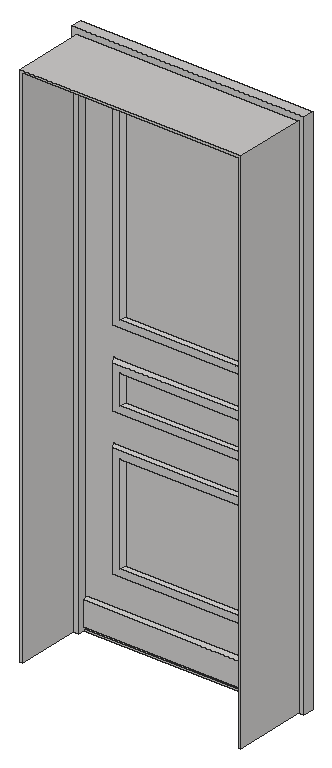
Revit family "Doorset_Porte palière blindée destinée au projet de réhabilitation BELLECOUR_ASSA ABLOY FR_Hardware Light01", category Doors, host Wall, Revit 2015
Parameters (values of type "914x2198 mm (900 x 2200mm)")
  Uniclass 2.0 Description = "Doorsets"
  Uniclass 2.0 Code = "PR-59-23"
  Uniclass 1.4 Description = "Doors"
  Uniclass 1.4 Code = "JL20"
  URL = "https://www.fichet-serrurerie-batiment.fr/fr/porte-bellecour"
  Type Comments = "914x2198 mm (900 x 2200mm)"  # constant formula
  Thickness = 62 mm  # constant formula
  Structural Opening Width = if(Width > Maximum Door Width, Maximum Door Width + 20 mm, if(Width < Minimum Door Width, Minimum Door Width + 20 mm, Width + 20 mm))  # 920 mm
  Structural Opening Height = if(Height > Maximum Door Height, Maximum Door Height + 10 mm, if(Height < Minimum Door Height, Minimum Door Height + 10 mm, Height + 10 mm))  # 2210 mm
  Rough Width = Structural Opening Width  # 920 mm
  Rough Height = Structural Opening Height  # 2210 mm
  Region Europe = "France"
  Provider = "ASSA ABLOY FR"  # constant formula
  Product Guid = "56098edf-7293-468c-9a03-4614a8b7a5ac"
  Panel Width = Structural Opening Width - 6 mm  # 914 mm
  Panel Material = Metal - Assa Abloy - Steel
  Panel Height = Structural Opening Height - 12 mm  # 2198 mm
  OmniClass Title = "Doors"
  OmniClass Number = "23-17 11 00"
  Name = "Porte palière blindée destinée au projet de réhabilitation BELLECOUR\r\n"  # constant formula
  Model = "Doorset_Porte palière blindée destinée au projet de réhabilitation BELLECOUR_ASSA ABLOY FR_Hardware Light"  # constant formula
  Minimum Door Width = 650 mm  # constant formula
  Minimum Door Height = 1952 mm  # constant formula
  Maximum Door Width = 1050 mm  # constant formula
  Maximum Door Height = 2325 mm  # constant formula
  Manufacturer = "ASSA ABLOY"  # constant formula
  Lock Cases = "1x Cylindre GEMMCODE_Mechanical locks_Fichet [AN. 73960050]\r\n"  # constant formula
  Keynote = "08100"
  Identity and Access Solutions = "1x Serrure 5000 SPN1 T204- D_Identity and Access Solutions_Vachette [AN. 841900 4]\r\n"  # constant formula
  IFC classification = "Door"
  Hardware Set = "\tED-ML-MC-FR16"  # constant formula
  Handle Position = 81 mm  # constant formula
  Handle Height = 1100 mm  # constant formula
  Function = Exterior
  Height = 2200 mm
  Wall Closure = By host
  Width = 900 mm
  Frame Width = Structural Opening Width - 20 mm  # 900 mm
  Frame Material = Metal - Assa Abloy - Steel
  Frame Height = Structural Opening Height - 10 mm  # 2200 mm
  Edition number = "1"
  Description = "La porte anti-effraction certifiée  A2P BP1 \n\r\n"  # constant formula
  Date of publishing = ""
  Contact Provider = "http://www.assaabloy.fr/contactez-nous/"
  Clear Width = Structural Opening Width - 48 mm - 20 mm  # 852 mm
  BIMobject Unique ref = "ED-ML-MC-FR16\r\n"  # constant formula
  BIMobject Product Page = "https://www.bimobject.com/en-us/assaabloy-fr/product/ed-ml-mc-fr16"
  BIMobject Product Group = "Security doors and fittings"  # constant formula
  BIMobject Product Family = "Exterior Door Solutions"  # constant formula
  BIMobject Instructions Video = ""
  BIMobject Brand = "ASSA ABLOY FR"  # constant formula
  Assembly Code = "B2030"
  Architectural Hardware = "1x Ensemble béquillage SCULT_Architectural hardware_Vachette [AN. 204367 4]\r\n"  # constant formula
Reference planes
  plane 1: y = 0
  plane 2 "Center (Left/Right)": x = 0
  plane 3 "Exterior": y = 150
  plane 4 "Interior": y = -150
  plane 5: x = 460
  plane 6: x = -460
  plane 7 "Structural": z = 2210
  plane 8: x = 450
  plane 9: x = -450
  plane 10: z = 2200
  plane 11: z = 1984
  plane 12: y = 88
  plane 13: z = 1100
  plane 14 "Panel": y = 1108.7
  plane 15: y = 1070
  plane 16: x = 416
  plane 17: x = -426
  plane 18: x = 426
  plane 19: y = 194.7
  plane 20: y = 208.5
  plane 21: x = -442.131
  plane 22: x = -484
  plane 23: x = 484
  plane 24: x = -306
  plane 25: x = 306
  plane 26: z = 251.279
  plane 27: z = 740.754
  plane 28: z = 860.754
  plane 29: z = 1060.754
  plane 30: z = 1180.754
  plane 31: z = 2056
  plane 32: x = -416
  plane 33: y = 115
  plane 34: y = 141.2
  plane 35: y = 1046.7
  plane 36: x = 364
  plane 37 "Handle ref": x = 457
  plane 38: x = 470.8
  plane 39: z = 2176
  plane 40: z = 2234
  plane 41: x = -376
  plane 42 "Handle Height": z = 1100
  plane 43: z = 24
  plane 44: y = 179.7
  plane 45: z = 2244
  plane 46: y = 1041.5
  plane 47: y = 146.5
Forms (mm)
  Sweep 1, solid, material "Metal - Assa Abloy - Steel" <- "Frame Material"
    path origin (0, 150, 0) x (1, 0, 0) y (0, 0, 1)
      loop
        line (-450, 0) -> (-450, 2200) -> (450, 2200) -> (450, 0)
    profile origin (450, 150, 1100) x (0, -1, 0) y (1, 0, 0)
      loop
        line (35, 0) -> (0, 0) -> (0, 34) -> (-44.7, 34) -> (-44.7, -24) -> (35, -24) -> (35, 0)
  Sweep 2, solid, material "Metal - Assa Abloy - Steel" <- "Panel Material"
    path origin (0, 150, 0) x (1, 0, 0) y (0, 0, 1)
      loop
        line (-426, 0) -> (426, 0)
    profile origin (0, 150, 0) x (0, 0, 1) y (0, -1, 0)
      loop
        line (2207, -44.7) -> (2176, -44.7) -> (2176, 3.5) -> (24, 3.5) -> (24, -29.7) -> (11.808, -29.7) -> (11.808, -44.7) -> (9, -44.7) -> (9, -58.5) -> (2207, -58.5) -> (2207, -44.7)
  Extrusion 3, solid, material "Metal - Assa Abloy - Steel" <- "Panel Material"
    sketch origin (0, 0, 0) x (1, 0, 0) y (0, 1, 0)
      loop
        line (-426, 208.5) -> (-457, 208.5) -> (-457, 194.7) -> (-426, 194.7) -> (-426, 208.5)
      loop
        line (426, 208.5) -> (426, 194.7) -> (457, 194.7) -> (457, 208.5) -> (426, 208.5)
    from 9 to 2207
  Sweep 4, solid, material "Metal - Assa Abloy - Steel" <- "Panel Material"
    path origin (-533.519, 208.5, 1200) x (-1, 0, 0) y (0, 0, 1)
      loop
        line (-227.519, -459.246) -> (-839.519, -459.246) -> (-839.519, -948.721) -> (-227.519, -948.721) -> (-227.519, -459.246)
    profile origin (306, 208.5, 496.017) x (0, 1, 0) y (-1, 0, 0)
      loop
        line (0, 0) -> (16, 9.238) -> (16, 38.762) -> (0, 48) -> (0, 0)
      loop
        line (-62, 0) -> (-62, 48) -> (-78, 38.762) -> (-78, 9.238) -> (-62, 0)
  Sweep 5, solid, material "Metal - Assa Abloy - Steel" <- "Panel Material"
    path origin (-533.519, 208.5, 1200) x (-1, 0, 0) y (0, 0, 1)
      loop
        line (-227.519, -139.246) -> (-839.519, -139.246) -> (-839.519, -339.246) -> (-227.519, -339.246) -> (-227.519, -139.246)
    profile origin (306, 208.5, 960.754) x (0, 1, 0) y (-1, 0, 0)
      loop
        line (0, 0) -> (16, 9.238) -> (16, 38.762) -> (0, 48) -> (0, 0)
      loop
        line (-62, 0) -> (-62, 48) -> (-78, 38.762) -> (-78, 9.238) -> (-62, 0)
  Sweep 6, solid, material "Metal - Assa Abloy - Steel" <- "Panel Material"
    path origin (-533.519, 208.5, 1200) x (-1, 0, 0) y (0, 0, 1)
      loop
        line (-227.519, 856) -> (-839.519, 856) -> (-839.519, -19.246) -> (-227.519, -19.246) -> (-227.519, 856)
    profile origin (306, 208.5, 1618.377) x (0, 1, 0) y (-1, 0, 0)
      loop
        line (16, 9.238) -> (16, 38.762) -> (0, 48) -> (0, 0) -> (16, 9.238)
      loop
        line (-78, 9.238) -> (-62, 0) -> (-62, 48) -> (-78, 38.762) -> (-78, 9.238)
  Sweep 7, solid, material "Metal - Assa Abloy - Steel" <- "Panel Material"
    path origin (-533.519, 208.5, 1200) x (-1, 0, 0) y (0, 0, 1)
      loop
        line (-949.519, -1176) -> (-117.519, -1176)
    profile origin (0, 208.5, 24) x (0, 0, 1) y (0, 1, 0)
      loop
        line (0, -62) -> (0, -82) -> (100, -82) -> (107.279, -62) -> (0, -62)
  Sweep 8, solid, material "Metal - Assa Abloy - Steel" <- "Frame Material"
    path origin (-476, 194.7, 1200) x (1, 0, 0) y (0, 0, 1)
      loop
        line (50, -1200) -> (902, -1200)
    profile origin (0, 194.7, 0) x (0, 0, 1) y (0, -1, 0)
      loop
        line (0, 0) -> (11.808, 0) -> (11.808, 11.3) -> (7, 53.5) -> (0, 53.5) -> (0, 0)
  Extrusion 9, solid, material "Metal - Assa Abloy - Steel" <- "Frame Material"
    sketch origin (-533.519, 208.5, 1200) x (-1, 0, 0) y (0, 0, 1)
      loop
        line (-73.519, 1010) -> (-993.519, 1010) -> (-993.519, -1200) -> (-983.519, -1200) -> (-983.519, 1000) -> (-83.519, 1000) -> (-83.519, -1200) -> (-73.519, -1200) -> (-73.519, 1010)
    from -358.5 to -58.5
Cuts and joins
  joined: Sweep 2, Extrusion 3
Lines and regions (mm)
  Opening 1
    outline origin (-5000, -150, 0) x (1, 0, 0) y (0, 0, 1)
      loop
        line (5460, 2210) -> (4540, 2210) -> (4540, 0) -> (5460, 0) -> (5460, 2210)
  Masking region 1
    outline origin (0, 0, 0) x (1, 0, 0) y (0, 1, 0)
      loop
        line (460, 150) -> (-460, 150) -> (-460, -150) -> (460, -150) -> (460, 150)
  Masking region 2, detail levels medium
    outline origin (0, 0, 0) x (1, 0, 0) y (0, 1, 0)
      loop
        line (-484, 194.7) -> (-484, 115) -> (-426, 115) -> (-426, 194.7) -> (-484, 194.7)
      loop
        line (484, 194.7) -> (426, 194.7) -> (426, 115) -> (484, 115) -> (484, 194.7)
  Masking region 3, detail levels fine
    outline origin (0, 0, 0) x (1, 0, 0) y (0, 1, 0)
      loop
        line (-484, 194.7) -> (-484, 150) -> (-450, 150) -> (-450, 115) -> (-426, 115) -> (-426, 194.7) -> (-484, 194.7)
      loop
        line (484, 194.7) -> (426, 194.7) -> (426, 115) -> (450, 115) -> (450, 150) -> (484, 150) -> (484, 194.7)
  Masking region 4, detail levels medium
    outline origin (0, 0, 0) x (1, 0, 0) y (0, 1, 0)
      loop
        line (426, 194.7) -> (426, 1046.7) -> (364, 1046.7) -> (364, 194.7) -> (426, 194.7)
  Masking region 5, detail levels coarse+medium
    outline origin (0, 0, 0) x (0, 1, 0) y (0, 0, 1)
      loop
        line (115, 2234) -> (115, 0) -> (194.7, 0) -> (194.7, 2234) -> (115, 2234)
  Masking region 6, detail levels fine
    outline origin (0, 0, 0) x (0, 1, 0) y (0, 0, 1)
      loop
        line (194.7, 2234) -> (150, 2234) -> (150, 2200) -> (115, 2200) -> (115, 0) -> (194.7, 0) -> (194.7, 9) -> (208.5, 9) -> (208.5, 2207) -> (194.7, 2207) -> (194.7, 2234)
  Masking region 7, detail levels fine
    outline origin (0, 0, 0) x (1, 0, 0) y (0, 1, 0)
      loop
        line (457, 194.7) -> (457, 1108.7) -> (443, 1108.7) -> (443, 1077.7) -> (395, 1077.7) -> (395, 225.7) -> (443, 225.7) -> (443, 194.7) -> (457, 194.7)
  Masking region 8, detail levels fine
    outline origin (-761.914, 1970.668, 0) x (0, -1, 0) y (1, 0, 0)
      loop
        line (917.524, 1229.514) -> (940.784, 1229.514) -> (940.784, 1253.555)
        arc (940.784, 1253.555) -> (941.929, 1256.556) -> (944.783, 1258.03) r 4.504
        arc (944.783, 1258.03) -> (988.451, 1260.334) -> (1032.083, 1257.414) r 366.157
        arc (1032.083, 1257.414) -> (1041.219, 1259.159) -> (1047.571, 1265.955) r 15
        line (1047.571, 1265.955) -> (1051.477, 1274.332)
        arc (1051.477, 1274.332) -> (1051.46, 1275.136) -> (1050.814, 1275.614) r 0.911
        arc (1050.814, 1275.614) -> (987.473, 1281.447) -> (924.089, 1276.107) r 362.114
        arc (924.089, 1276.107) -> (923.191, 1275.673) -> (922.658, 1274.83) r 1.815
        arc (922.658, 1274.83) -> (920.059, 1263.7) -> (918.72, 1252.35) r 102.117
        line (918.72, 1252.35) -> (917.524, 1229.514)
      loop
        line (908.668, 1218.914) -> (929.168, 1218.914) -> (949.668, 1218.914) -> (948.212, 1227.168)
        arc (948.212, 1227.168) -> (947.697, 1228.061) -> (946.728, 1228.414) r 1.507
        line (946.728, 1228.414) -> (911.58, 1228.414)
        arc (911.58, 1228.414) -> (910.632, 1228.069) -> (910.128, 1227.195) r 1.474
        line (910.128, 1227.195) -> (908.668, 1218.914)
  Masking region 9, detail levels fine
    outline origin (1613.914, 1970.668, 0) x (-1, 0, 0) y (0, -1, 0)
      loop
        line (1229.514, 917.524) -> (1252.35, 918.72)
        arc (1252.35, 918.72) -> (1263.7, 920.059) -> (1274.83, 922.658) r 102.117
        arc (1274.83, 922.658) -> (1275.673, 923.191) -> (1276.107, 924.089) r 1.815
        arc (1276.107, 924.089) -> (1281.447, 987.473) -> (1275.614, 1050.814) r 362.114
        arc (1275.614, 1050.814) -> (1275.136, 1051.46) -> (1274.332, 1051.477) r 0.911
        line (1274.332, 1051.477) -> (1265.955, 1047.571)
        arc (1265.955, 1047.571) -> (1259.159, 1041.219) -> (1257.414, 1032.083) r 15
        arc (1257.414, 1032.083) -> (1260.334, 988.451) -> (1258.03, 944.783) r 366.157
        arc (1258.03, 944.783) -> (1256.556, 941.929) -> (1253.555, 940.784) r 4.504
        line (1253.555, 940.784) -> (1229.514, 940.784) -> (1229.514, 917.524)
      loop
        line (1218.914, 908.668) -> (1227.195, 910.128)
        arc (1227.195, 910.128) -> (1228.069, 910.632) -> (1228.414, 911.58) r 1.474
        line (1228.414, 911.58) -> (1228.414, 946.728)
        arc (1228.414, 946.728) -> (1228.061, 947.697) -> (1227.168, 948.212) r 1.507
        line (1227.168, 948.212) -> (1218.914, 949.668) -> (1218.914, 929.168) -> (1218.914, 908.668)
  Masking region 10, not visible, detail levels fine
    outline origin (0, 2411.764, 0) x (0, -1, 0) y (1, 0, 0)
      loop
        line (917.524, 1229.514) -> (940.784, 1229.514) -> (940.784, 1253.555)
        arc (940.784, 1253.555) -> (941.929, 1256.556) -> (944.783, 1258.03) r 4.504
        arc (944.783, 1258.03) -> (988.451, 1260.334) -> (1032.083, 1257.414) r 366.157
        arc (1032.083, 1257.414) -> (1041.219, 1259.159) -> (1047.571, 1265.955) r 15
        line (1047.571, 1265.955) -> (1051.477, 1274.332)
        arc (1051.477, 1274.332) -> (1051.46, 1275.136) -> (1050.814, 1275.614) r 0.911
        arc (1050.814, 1275.614) -> (987.473, 1281.447) -> (924.089, 1276.107) r 362.114
        arc (924.089, 1276.107) -> (923.191, 1275.673) -> (922.658, 1274.83) r 1.815
        arc (922.658, 1274.83) -> (920.059, 1263.7) -> (918.72, 1252.35) r 102.117
        line (918.72, 1252.35) -> (917.524, 1229.514)
      loop
        line (908.668, 1218.914) -> (929.168, 1218.914) -> (949.668, 1218.914) -> (948.212, 1227.168)
        arc (948.212, 1227.168) -> (947.697, 1228.061) -> (946.728, 1228.414) r 1.507
        line (946.728, 1228.414) -> (911.58, 1228.414)
        arc (911.58, 1228.414) -> (910.632, 1228.069) -> (910.128, 1227.195) r 1.474
        line (910.128, 1227.195) -> (908.668, 1218.914)
  Masking region 11, not visible, detail levels fine
    outline origin (2375.827, 2411.764, 0) x (-1, 0, 0) y (0, -1, 0)
      loop
        line (1229.514, 917.524) -> (1252.35, 918.72)
        arc (1252.35, 918.72) -> (1263.7, 920.059) -> (1274.83, 922.658) r 102.117
        arc (1274.83, 922.658) -> (1275.673, 923.191) -> (1276.107, 924.089) r 1.815
        arc (1276.107, 924.089) -> (1281.447, 987.473) -> (1275.614, 1050.814) r 362.114
        arc (1275.614, 1050.814) -> (1275.136, 1051.46) -> (1274.332, 1051.477) r 0.911
        line (1274.332, 1051.477) -> (1265.955, 1047.571)
        arc (1265.955, 1047.571) -> (1259.159, 1041.219) -> (1257.414, 1032.083) r 15
        arc (1257.414, 1032.083) -> (1260.334, 988.451) -> (1258.03, 944.783) r 366.157
        arc (1258.03, 944.783) -> (1256.556, 941.929) -> (1253.555, 940.784) r 4.504
        line (1253.555, 940.784) -> (1229.514, 940.784) -> (1229.514, 917.524)
      loop
        line (1218.914, 908.668) -> (1227.195, 910.128)
        arc (1227.195, 910.128) -> (1228.069, 910.632) -> (1228.414, 911.58) r 1.474
        line (1228.414, 911.58) -> (1228.414, 946.728)
        arc (1228.414, 946.728) -> (1228.061, 947.697) -> (1227.168, 948.212) r 1.507
        line (1227.168, 948.212) -> (1218.914, 949.668) -> (1218.914, 929.168) -> (1218.914, 908.668)
  Masking region 12, not visible, detail levels fine
    outline origin (0, 0, 0) x (0, 1, 0) y (0, 0, 1)
      loop
        line (76.5, -62) -> (-108.5, -62) -> (-107.458, -65.993)
        arc (-107.458, -65.993) -> (-106.878, -66.869) -> (-105.884, -67.208) r 1.626
        line (-105.884, -67.208) -> (-11.687, -67.208)
        arc (-11.687, -67.208) -> (-10.452, -67.628) -> (-9.727, -68.713) r 2.029
        line (-9.727, -68.713) -> (-9.279, -70.384)
        arc (-9.279, -70.384) -> (-8.741, -71.189) -> (-7.824, -71.5) r 1.506
        line (-7.824, -71.5) -> (30.867, -71.5)
        arc (30.867, -71.5) -> (31.784, -71.189) -> (32.322, -70.384) r 1.506
        line (32.322, -70.384) -> (32.77, -68.713)
        arc (32.77, -68.713) -> (33.495, -67.628) -> (34.73, -67.208) r 2.029
        line (34.73, -67.208) -> (73.884, -67.208)
        arc (73.884, -67.208) -> (74.878, -66.869) -> (75.458, -65.993) r 1.626
        line (75.458, -65.993) -> (76.5, -62)
  Masking region 13, not visible, detail levels fine
    outline origin (0, 0, 0) x (0, 1, 0) y (0, 0, 1)
      loop
        line (23.215, -72.55) -> (11.497, -72.55) -> (-0.222, -72.55) -> (2.299, -112.47)
        arc (2.299, -112.47) -> (3.333, -117.415) -> (5.719, -121.867) r 17.723
        arc (5.719, -121.867) -> (6.912, -123.441) -> (8.694, -124.292) r 4.184
        arc (8.694, -124.292) -> (11.497, -124.583) -> (14.299, -124.292) r 13.619
        arc (14.299, -124.292) -> (16.081, -123.441) -> (17.274, -121.867) r 4.184
        arc (17.274, -121.867) -> (19.66, -117.415) -> (20.694, -112.47) r 17.723
        line (20.694, -112.47) -> (23.215, -72.55)
  Masking region 14, detail levels fine
    outline origin (0, 146.5, 1088.503) x (0, 0, 1) y (0, -1, 0)
      loop
        line (76.5, -62) -> (-108.5, -62) -> (-107.458, -65.993)
        arc (-107.458, -65.993) -> (-106.878, -66.869) -> (-105.884, -67.208) r 1.626
        line (-105.884, -67.208) -> (-11.687, -67.208)
        arc (-11.687, -67.208) -> (-10.452, -67.628) -> (-9.727, -68.713) r 2.029
        line (-9.727, -68.713) -> (-9.279, -70.384)
        arc (-9.279, -70.384) -> (-8.741, -71.189) -> (-7.824, -71.5) r 1.506
        line (-7.824, -71.5) -> (30.867, -71.5)
        arc (30.867, -71.5) -> (31.784, -71.189) -> (32.322, -70.384) r 1.506
        line (32.322, -70.384) -> (32.77, -68.713)
        arc (32.77, -68.713) -> (33.495, -67.628) -> (34.73, -67.208) r 2.029
        line (34.73, -67.208) -> (73.884, -67.208)
        arc (73.884, -67.208) -> (74.878, -66.869) -> (75.458, -65.993) r 1.626
        line (75.458, -65.993) -> (76.5, -62)
  Masking region 15, detail levels fine
    outline origin (0, 146.5, 1088.503) x (0, 0, 1) y (0, -1, 0)
      loop
        line (23.215, -72.55) -> (11.497, -72.55) -> (-0.222, -72.55) -> (2.299, -112.47)
        arc (2.299, -112.47) -> (3.333, -117.415) -> (5.719, -121.867) r 17.723
        arc (5.719, -121.867) -> (6.912, -123.441) -> (8.694, -124.292) r 4.184
        arc (8.694, -124.292) -> (11.497, -124.583) -> (14.299, -124.292) r 13.619
        arc (14.299, -124.292) -> (16.081, -123.441) -> (17.274, -121.867) r 4.184
        arc (17.274, -121.867) -> (19.66, -117.415) -> (20.694, -112.47) r 17.723
        line (20.694, -112.47) -> (23.215, -72.55)
  Masking region 16, detail levels fine
    outline origin (0, 208.5, 1088.503) x (0, 0, 1) y (0, -1, 0)
      loop
        line (76.5, 62) -> (75.458, 65.993)
        arc (75.458, 65.993) -> (74.878, 66.869) -> (73.884, 67.208) r 1.626
        line (73.884, 67.208) -> (34.73, 67.208)
        arc (34.73, 67.208) -> (33.495, 67.628) -> (32.77, 68.713) r 2.029
        line (32.77, 68.713) -> (32.322, 70.384)
        arc (32.322, 70.384) -> (31.784, 71.189) -> (30.867, 71.5) r 1.506
        line (30.867, 71.5) -> (-7.824, 71.5)
        arc (-7.824, 71.5) -> (-8.741, 71.189) -> (-9.279, 70.384) r 1.506
        line (-9.279, 70.384) -> (-9.727, 68.713)
        arc (-9.727, 68.713) -> (-10.452, 67.628) -> (-11.687, 67.208) r 2.029
        line (-11.687, 67.208) -> (-105.884, 67.208)
        arc (-105.884, 67.208) -> (-106.878, 66.869) -> (-107.458, 65.993) r 1.626
        line (-107.458, 65.993) -> (-108.5, 62) -> (76.5, 62)
  Masking region 17, detail levels fine
    outline origin (0, 208.5, 1088.503) x (0, 0, 1) y (0, -1, 0)
      loop
        line (23.215, 72.55) -> (20.694, 112.47)
        arc (20.694, 112.47) -> (19.66, 117.415) -> (17.274, 121.867) r 17.723
        arc (17.274, 121.867) -> (16.081, 123.441) -> (14.299, 124.292) r 4.184
        arc (14.299, 124.292) -> (11.497, 124.583) -> (8.694, 124.292) r 13.619
        arc (8.694, 124.292) -> (6.912, 123.441) -> (5.719, 121.867) r 4.184
        arc (5.719, 121.867) -> (3.333, 117.415) -> (2.299, 112.47) r 17.723
        line (2.299, 112.47) -> (-0.222, 72.55) -> (11.497, 72.55) -> (23.215, 72.55)
  Masking region 18, not visible, detail levels fine
    outline origin (0, 0, -62) x (0, 1, 0) y (0, 0, 1)
      loop
        line (76.5, 62) -> (75.458, 65.993)
        arc (75.458, 65.993) -> (74.878, 66.869) -> (73.884, 67.208) r 1.626
        line (73.884, 67.208) -> (34.73, 67.208)
        arc (34.73, 67.208) -> (33.495, 67.628) -> (32.77, 68.713) r 2.029
        line (32.77, 68.713) -> (32.322, 70.384)
        arc (32.322, 70.384) -> (31.784, 71.189) -> (30.867, 71.5) r 1.506
        line (30.867, 71.5) -> (-7.824, 71.5)
        arc (-7.824, 71.5) -> (-8.741, 71.189) -> (-9.279, 70.384) r 1.506
        line (-9.279, 70.384) -> (-9.727, 68.713)
        arc (-9.727, 68.713) -> (-10.452, 67.628) -> (-11.687, 67.208) r 2.029
        line (-11.687, 67.208) -> (-105.884, 67.208)
        arc (-105.884, 67.208) -> (-106.878, 66.869) -> (-107.458, 65.993) r 1.626
        line (-107.458, 65.993) -> (-108.5, 62) -> (76.5, 62)
  Masking region 19, not visible, detail levels fine
    outline origin (0, 0, -62) x (0, 1, 0) y (0, 0, 1)
      loop
        line (23.215, 72.55) -> (20.694, 112.47)
        arc (20.694, 112.47) -> (19.66, 117.415) -> (17.274, 121.867) r 17.723
        arc (17.274, 121.867) -> (16.081, 123.441) -> (14.299, 124.292) r 4.184
        arc (14.299, 124.292) -> (11.497, 124.583) -> (8.694, 124.292) r 13.619
        arc (8.694, 124.292) -> (6.912, 123.441) -> (5.719, 121.867) r 4.184
        arc (5.719, 121.867) -> (3.333, 117.415) -> (2.299, 112.47) r 17.723
        line (2.299, 112.47) -> (-0.222, 72.55) -> (11.497, 72.55) -> (23.215, 72.55)
  symbolic lines, style "Elevation Swing"
    curve 1: line (450, -150, 2200) -> (-450, -150, 1100)
    curve 2: line (-450, -150, 1100) -> (450, -150, 0)
  symbolic lines, style "Doors", detail levels fine
    curve 3: line (-426, 194.7, 0) -> (426, 194.7, 0)
    curve 4: line (-426, 141.2, 0) -> (426, 141.2, 0)
  symbolic lines, style "Plan Swing", detail levels coarse
    curve 5: line (460, 150, 0) -> (460, 1070, 0)
    curve 6: arc (460, 1070, 0) -> (-190.538, 800.538, 0) -> (-460, 150, 0) r 920
  symbolic lines, style "Plan Swing", detail levels medium
    curve 7: arc (-426, 194.7, 0) -> (-176.455, 797.155, 0) -> (426, 1046.7, 0) r 852
  symbolic lines, style "Plan Swing", detail levels fine
    curve 8: arc (457, 1108.596, 0) -> (-180.356, 836.098, 0) -> (-443.2, 194.7, 0) r 914
  symbolic lines, style "Plan Swing", detail levels medium+fine
    curve 9: line (0, 194.7, 2176) -> (0, 115, 2176)
  symbolic lines, style "Plan Swing"
    curve 10: line (0, 115, 2200) -> (0, -150, 2200)
  symbolic lines, style "DoorsPanelProjection", detail levels fine
    curve 11: line (0, 146.5, 2176) -> (0, 146.5, 24)
    curve 12: line (0, 194.7, 2207) -> (0, 194.7, 2176)
    curve 13: line (0, 146.5, 24) -> (0, 179.7, 24)
    curve 14: line (0, 179.7, 24) -> (0, 179.7, 11.808)
    curve 15: line (0, 179.7, 11.808) -> (0, 194.7, 11.808)
    curve 16: line (0, 194.7, 11.808) -> (0, 194.7, 9)
  symbolic lines, not visible, detail levels fine
    curve 17: line (0, 20.852, -109.317) -> (0, 16.135, -100.587)
    curve 18: arc (0, 16.135, -100.587) -> (0, 11.532, -100.378) -> (0, 6.929, -100.587) r 50.76
    curve 19: line (0, 6.929, -100.587) -> (0, 2.123, -109.257)
    curve 20: arc (0, 16.259, -117.973) -> (0, 11.653, -119.07) -> (0, 7.017, -118.114) r 10.921
    curve 21: arc (0, 16.259, -117.973) -> (0, 19.228, -114.002) -> (0, 20.852, -109.317) r 16.144
    curve 22: arc (0, 7.017, -118.114) -> (0, 3.928, -114.04) -> (0, 2.123, -109.257) r 17.814
    curve 23: line (0, 16.135, -100.587) -> (0, 14.557, -118.631)
    curve 24: line (0, 6.929, -100.587) -> (0, 8.837, -118.745)
    curve 25: line (0, 16, -72.55) -> (0, 16.135, -100.587)
    curve 26: line (0, 6.929, -100.587) -> (0, 6.929, -72.55)
    curve 27: line (0, 34.73, -67.208) -> (0, -11.687, -67.208)
    curve 50: line (0, 20.852, 47.317) -> (0, 16.135, 38.587)
    curve 51: arc (0, 16.135, 38.587) -> (0, 11.532, 38.378) -> (0, 6.929, 38.587) r 50.76
    curve 52: line (0, 6.929, 38.587) -> (0, 2.123, 47.257)
    curve 53: arc (0, 16.259, 55.973) -> (0, 11.653, 57.07) -> (0, 7.017, 56.114) r 10.921
    curve 54: arc (0, 16.259, 55.973) -> (0, 19.228, 52.002) -> (0, 20.852, 47.317) r 16.144
    curve 55: arc (0, 7.017, 56.114) -> (0, 3.928, 52.04) -> (0, 2.123, 47.257) r 17.814
    curve 56: line (0, 16.135, 38.587) -> (0, 14.557, 56.631)
    curve 57: line (0, 6.929, 38.587) -> (0, 8.837, 56.745)
    curve 58: line (0, 16, 10.55) -> (0, 16.135, 38.587)
    curve 59: line (0, 6.929, 38.587) -> (0, 6.929, 10.55)
    curve 60: line (0, 34.73, 5.208) -> (0, -11.687, 5.208)
  symbolic lines, detail levels fine
    curve 28: line (0, 255.817, 1109.356) -> (0, 247.087, 1104.639)
    curve 29: arc (0, 247.087, 1104.639) -> (0, 246.878, 1100.035) -> (0, 247.087, 1095.432) r 50.76
    curve 30: line (0, 247.087, 1095.432) -> (0, 255.757, 1090.627)
    curve 31: arc (0, 264.473, 1104.762) -> (0, 265.57, 1100.157) -> (0, 264.614, 1095.521) r 10.921
    curve 32: arc (0, 264.473, 1104.762) -> (0, 260.502, 1107.731) -> (0, 255.817, 1109.356) r 16.144
    curve 33: arc (0, 264.614, 1095.521) -> (0, 260.54, 1092.431) -> (0, 255.757, 1090.627) r 17.814
    curve 34: line (0, 247.087, 1104.639) -> (0, 265.131, 1103.06)
    curve 35: line (0, 247.087, 1095.432) -> (0, 265.245, 1097.341)
    curve 36: line (0, 219.05, 1104.503) -> (0, 247.087, 1104.639)
    curve 37: line (0, 247.087, 1095.432) -> (0, 219.05, 1095.432)
    curve 38: line (0, 213.708, 1123.234) -> (0, 213.708, 1076.816)
    curve 39: line (0, 99.183, 1109.356) -> (0, 107.913, 1104.639)
    curve 40: arc (0, 107.913, 1104.639) -> (0, 108.122, 1100.035) -> (0, 107.913, 1095.432) r 50.76
    curve 41: line (0, 107.913, 1095.432) -> (0, 99.243, 1090.627)
    curve 42: arc (0, 90.527, 1104.762) -> (0, 89.43, 1100.157) -> (0, 90.386, 1095.521) r 10.921
    curve 43: arc (0, 90.527, 1104.762) -> (0, 94.498, 1107.731) -> (0, 99.183, 1109.356) r 16.144
    curve 44: arc (0, 90.386, 1095.521) -> (0, 94.46, 1092.431) -> (0, 99.243, 1090.627) r 17.814
    curve 45: line (0, 107.913, 1104.639) -> (0, 89.869, 1103.06)
    curve 46: line (0, 107.913, 1095.432) -> (0, 89.755, 1097.341)
    curve 47: line (0, 135.95, 1104.503) -> (0, 107.913, 1104.639)
    curve 48: line (0, 107.913, 1095.432) -> (0, 135.95, 1095.432)
    curve 49: line (0, 141.292, 1123.234) -> (0, 141.292, 1076.816)
  model lines, style "Assa Abloy Hardware", detail levels fine
    curve 61: arc (-357.092, 208.5, 1161.445) -> (-375.981, 208.5, 1165.222) -> (-394.859, 208.5, 1161.391) r 48.77
    curve 62: arc (-355.48, 208.5, 1159.747) -> (-355.948, 208.5, 1160.918) -> (-357.092, 208.5, 1161.445) r 1.7
    curve 63: line (-355.48, 208.5, 1090.494) -> (-355.48, 208.5, 984.906)
    curve 64: arc (-394.859, 208.5, 1161.391) -> (-396.008, 208.5, 1160.89) -> (-396.48, 208.5, 1159.729) r 1.662
    curve 65: line (-396.48, 208.5, 1082.157) -> (-396.48, 208.5, 1118.418)
    curve 66: arc (-396.48, 208.5, 984.924) -> (-396.165, 208.5, 983.95) -> (-395.339, 208.5, 983.345) r 1.662
    curve 67: arc (-395.339, 208.5, 983.345) -> (-376, 208.5, 980.222) -> (-356.652, 208.5, 983.29) r 61.979
    curve 68: arc (-356.652, 208.5, 983.29) -> (-355.804, 208.5, 983.908) -> (-355.48, 208.5, 984.906) r 1.7
    curve 69: arc (-355.48, 208.5, 1118.421) -> (-375.981, 208.5, 1121.586) -> (-396.48, 208.5, 1118.418) r 67.95
    curve 70: arc (-396.48, 208.5, 1082.157) -> (-386.362, 208.5, 1079.788) -> (-376, 208.5, 1078.989) r 67.95
    curve 71: line (-387.611, 208.5, 1111.665) -> (-364.35, 208.5, 1111.665)
    curve 72: line (-364.35, 208.5, 1089.135) -> (-387.611, 208.5, 1089.135)
    curve 73: line (-364.35, 208.5, 1089.135) -> (-364.35, 208.5, 1089.935)
    curve 74: spline (-359.819, 208.5, 1090.44) -> (-360.429, 208.5, 1090.429) -> (-361.022, 208.5, 1090.41) -> (-361.589, 208.5, 1090.384) -> (-362.122, 208.5, 1090.352) -> (-362.613, 208.5, 1090.314) -> (-363.054, 208.5, 1090.27) -> (-363.438, 208.5, 1090.222) -> (-363.761, 208.5, 1090.169) -> (-364.017, 208.5, 1090.113) -> (-364.202, 208.5, 1090.055) -> (-364.313, 208.5, 1089.995) -> (-364.35, 208.5, 1089.935)
    curve 75: spline (-359.819, 208.5, 1090.44) -> (-352.617, 208.5, 1090.526) -> (-345.403, 208.5, 1090.594) -> (-338.178, 208.5, 1090.646) -> (-330.946, 208.5, 1090.682) -> (-323.709, 208.5, 1090.7) -> (-316.47, 208.5, 1090.703) -> (-309.233, 208.5, 1090.688) -> (-301.999, 208.5, 1090.657) -> (-294.773, 208.5, 1090.61) -> (-287.556, 208.5, 1090.546) -> (-280.351, 208.5, 1090.465) -> (-273.162, 208.5, 1090.368)
    curve 76: spline (-273.162, 208.5, 1090.368) -> (-271.663, 208.5, 1090.355) -> (-270.159, 208.5, 1090.361) -> (-268.666, 208.5, 1090.385) -> (-267.197, 208.5, 1090.427) -> (-265.769, 208.5, 1090.487) -> (-264.395, 208.5, 1090.564) -> (-263.09, 208.5, 1090.657) -> (-261.867, 208.5, 1090.766) -> (-260.738, 208.5, 1090.889) -> (-259.714, 208.5, 1091.025) -> (-258.806, 208.5, 1091.172) -> (-258.023, 208.5, 1091.33)
    curve 77: spline (-258.023, 208.5, 1091.33) -> (-257.655, 208.5, 1091.45) -> (-257.288, 208.5, 1091.581) -> (-256.921, 208.5, 1091.721) -> (-256.555, 208.5, 1091.871) -> (-256.19, 208.5, 1092.032) -> (-255.826, 208.5, 1092.202) -> (-255.462, 208.5, 1092.382) -> (-255.1, 208.5, 1092.572) -> (-254.738, 208.5, 1092.773) -> (-254.377, 208.5, 1092.983) -> (-254.018, 208.5, 1093.202) -> (-253.659, 208.5, 1093.432)
    curve 78: line (-364.35, 208.5, 1111.665) -> (-364.35, 208.5, 1110.865)
    curve 79: line (-364.35, 208.5, 1110.865) -> (-364.35, 208.5, 1110.065)
    curve 80: spline (-359.819, 208.5, 1109.56) -> (-360.429, 208.5, 1109.571) -> (-361.022, 208.5, 1109.59) -> (-361.589, 208.5, 1109.616) -> (-362.122, 208.5, 1109.648) -> (-362.613, 208.5, 1109.686) -> (-363.054, 208.5, 1109.73) -> (-363.438, 208.5, 1109.778) -> (-363.761, 208.5, 1109.831) -> (-364.017, 208.5, 1109.887) -> (-364.202, 208.5, 1109.945) -> (-364.313, 208.5, 1110.005) -> (-364.35, 208.5, 1110.065)
    curve 81: spline (-359.819, 208.5, 1109.56) -> (-352.617, 208.5, 1109.474) -> (-345.403, 208.5, 1109.406) -> (-338.178, 208.5, 1109.354) -> (-330.946, 208.5, 1109.318) -> (-323.709, 208.5, 1109.3) -> (-316.47, 208.5, 1109.297) -> (-309.233, 208.5, 1109.312) -> (-301.999, 208.5, 1109.343) -> (-294.773, 208.5, 1109.39) -> (-287.556, 208.5, 1109.454) -> (-280.351, 208.5, 1109.535) -> (-273.162, 208.5, 1109.632)
    curve 82: spline (-273.162, 208.5, 1109.632) -> (-271.663, 208.5, 1109.645) -> (-270.159, 208.5, 1109.639) -> (-268.666, 208.5, 1109.615) -> (-267.197, 208.5, 1109.573) -> (-265.769, 208.5, 1109.513) -> (-264.395, 208.5, 1109.436) -> (-263.09, 208.5, 1109.343) -> (-261.867, 208.5, 1109.234) -> (-260.738, 208.5, 1109.111) -> (-259.714, 208.5, 1108.975) -> (-258.806, 208.5, 1108.828) -> (-258.023, 208.5, 1108.67)
    curve 83: spline (-258.023, 208.5, 1108.67) -> (-257.655, 208.5, 1108.55) -> (-257.288, 208.5, 1108.419) -> (-256.921, 208.5, 1108.279) -> (-256.555, 208.5, 1108.129) -> (-256.19, 208.5, 1107.968) -> (-255.826, 208.5, 1107.798) -> (-255.462, 208.5, 1107.618) -> (-255.1, 208.5, 1107.428) -> (-254.738, 208.5, 1107.227) -> (-254.377, 208.5, 1107.017) -> (-254.018, 208.5, 1106.798) -> (-253.659, 208.5, 1106.568)
    curve 84: arc (-387.611, 208.5, 1111.665) -> (-389.551, 208.5, 1100.4) -> (-387.611, 208.5, 1089.135) r 33.67
    curve 85: line (-396.48, 208.5, 1159.729) -> (-396.48, 208.5, 1118.418)
    curve 86: line (-355.48, 208.5, 1159.747) -> (-355.48, 208.5, 1109.506)
    curve 87: line (-396.48, 208.5, 1082.157) -> (-396.48, 208.5, 984.924)
    curve 115: arc (-357.092, 146.5, 1161.445) -> (-375.981, 146.5, 1165.222) -> (-394.859, 146.5, 1161.391) r 48.77
    curve 116: arc (-355.48, 146.5, 1159.747) -> (-355.948, 146.5, 1160.918) -> (-357.092, 146.5, 1161.445) r 1.7
    curve 117: line (-355.48, 146.5, 1090.494) -> (-355.48, 146.5, 984.906)
    curve 118: arc (-394.859, 146.5, 1161.391) -> (-396.008, 146.5, 1160.89) -> (-396.48, 146.5, 1159.729) r 1.662
    curve 119: line (-396.48, 146.5, 1082.157) -> (-396.48, 146.5, 1118.418)
    curve 120: arc (-396.48, 146.5, 984.924) -> (-396.165, 146.5, 983.95) -> (-395.339, 146.5, 983.345) r 1.662
    curve 121: arc (-395.339, 146.5, 983.345) -> (-376, 146.5, 980.222) -> (-356.652, 146.5, 983.29) r 61.979
    curve 122: arc (-356.652, 146.5, 983.29) -> (-355.804, 146.5, 983.908) -> (-355.48, 146.5, 984.906) r 1.7
    curve 123: arc (-355.48, 146.5, 1118.421) -> (-375.981, 146.5, 1121.586) -> (-396.48, 146.5, 1118.418) r 67.95
    curve 124: arc (-396.48, 146.5, 1082.157) -> (-386.362, 146.5, 1079.788) -> (-376, 146.5, 1078.989) r 67.95
    curve 125: line (-387.611, 146.5, 1111.665) -> (-364.35, 146.5, 1111.665)
    curve 126: line (-364.35, 146.5, 1089.135) -> (-387.611, 146.5, 1089.135)
    curve 127: line (-364.35, 146.5, 1089.135) -> (-364.35, 146.5, 1089.935)
    curve 128: spline (-359.819, 146.5, 1090.44) -> (-360.429, 146.5, 1090.429) -> (-361.022, 146.5, 1090.41) -> (-361.589, 146.5, 1090.384) -> (-362.122, 146.5, 1090.352) -> (-362.613, 146.5, 1090.314) -> (-363.054, 146.5, 1090.27) -> (-363.438, 146.5, 1090.222) -> (-363.761, 146.5, 1090.169) -> (-364.017, 146.5, 1090.113) -> (-364.202, 146.5, 1090.055) -> (-364.313, 146.5, 1089.995) -> (-364.35, 146.5, 1089.935)
    curve 129: spline (-359.819, 146.5, 1090.44) -> (-352.617, 146.5, 1090.526) -> (-345.403, 146.5, 1090.594) -> (-338.178, 146.5, 1090.646) -> (-330.946, 146.5, 1090.682) -> (-323.709, 146.5, 1090.7) -> (-316.47, 146.5, 1090.703) -> (-309.233, 146.5, 1090.688) -> (-301.999, 146.5, 1090.657) -> (-294.773, 146.5, 1090.61) -> (-287.556, 146.5, 1090.546) -> (-280.351, 146.5, 1090.465) -> (-273.162, 146.5, 1090.368)
    curve 130: spline (-273.162, 146.5, 1090.368) -> (-271.663, 146.5, 1090.355) -> (-270.159, 146.5, 1090.361) -> (-268.666, 146.5, 1090.385) -> (-267.197, 146.5, 1090.427) -> (-265.769, 146.5, 1090.487) -> (-264.395, 146.5, 1090.564) -> (-263.09, 146.5, 1090.657) -> (-261.867, 146.5, 1090.766) -> (-260.738, 146.5, 1090.889) -> (-259.714, 146.5, 1091.025) -> (-258.806, 146.5, 1091.172) -> (-258.023, 146.5, 1091.33)
    curve 131: spline (-258.023, 146.5, 1091.33) -> (-257.655, 146.5, 1091.45) -> (-257.288, 146.5, 1091.581) -> (-256.921, 146.5, 1091.721) -> (-256.555, 146.5, 1091.871) -> (-256.19, 146.5, 1092.032) -> (-255.826, 146.5, 1092.202) -> (-255.462, 146.5, 1092.382) -> (-255.1, 146.5, 1092.572) -> (-254.738, 146.5, 1092.773) -> (-254.377, 146.5, 1092.983) -> (-254.018, 146.5, 1093.202) -> (-253.659, 146.5, 1093.432)
    curve 132: line (-364.35, 146.5, 1111.665) -> (-364.35, 146.5, 1110.865)
    curve 133: line (-364.35, 146.5, 1110.865) -> (-364.35, 146.5, 1110.065)
    curve 134: spline (-359.819, 146.5, 1109.56) -> (-360.429, 146.5, 1109.571) -> (-361.022, 146.5, 1109.59) -> (-361.589, 146.5, 1109.616) -> (-362.122, 146.5, 1109.648) -> (-362.613, 146.5, 1109.686) -> (-363.054, 146.5, 1109.73) -> (-363.438, 146.5, 1109.778) -> (-363.761, 146.5, 1109.831) -> (-364.017, 146.5, 1109.887) -> (-364.202, 146.5, 1109.945) -> (-364.313, 146.5, 1110.005) -> (-364.35, 146.5, 1110.065)
    curve 135: spline (-359.819, 146.5, 1109.56) -> (-352.617, 146.5, 1109.474) -> (-345.403, 146.5, 1109.406) -> (-338.178, 146.5, 1109.354) -> (-330.946, 146.5, 1109.318) -> (-323.709, 146.5, 1109.3) -> (-316.47, 146.5, 1109.297) -> (-309.233, 146.5, 1109.312) -> (-301.999, 146.5, 1109.343) -> (-294.773, 146.5, 1109.39) -> (-287.556, 146.5, 1109.454) -> (-280.351, 146.5, 1109.535) -> (-273.162, 146.5, 1109.632)
    curve 136: spline (-273.162, 146.5, 1109.632) -> (-271.663, 146.5, 1109.645) -> (-270.159, 146.5, 1109.639) -> (-268.666, 146.5, 1109.615) -> (-267.197, 146.5, 1109.573) -> (-265.769, 146.5, 1109.513) -> (-264.395, 146.5, 1109.436) -> (-263.09, 146.5, 1109.343) -> (-261.867, 146.5, 1109.234) -> (-260.738, 146.5, 1109.111) -> (-259.714, 146.5, 1108.975) -> (-258.806, 146.5, 1108.828) -> (-258.023, 146.5, 1108.67)
    curve 137: spline (-258.023, 146.5, 1108.67) -> (-257.655, 146.5, 1108.55) -> (-257.288, 146.5, 1108.419) -> (-256.921, 146.5, 1108.279) -> (-256.555, 146.5, 1108.129) -> (-256.19, 146.5, 1107.968) -> (-255.826, 146.5, 1107.798) -> (-255.462, 146.5, 1107.618) -> (-255.1, 146.5, 1107.428) -> (-254.738, 146.5, 1107.227) -> (-254.377, 146.5, 1107.017) -> (-254.018, 146.5, 1106.798) -> (-253.659, 146.5, 1106.568)
    curve 138: arc (-387.611, 146.5, 1111.665) -> (-389.551, 146.5, 1100.4) -> (-387.611, 146.5, 1089.135) r 33.67
    curve 139: line (-396.48, 146.5, 1159.729) -> (-396.48, 146.5, 1118.418)
    curve 140: line (-355.48, 146.5, 1159.747) -> (-355.48, 146.5, 1109.506)
    curve 141: line (-396.48, 146.5, 1082.157) -> (-396.48, 146.5, 984.924)
    curve 142: line (-253.659, 146.5, 1106.568) -> (-253.659, 146.5, 1100)
    curve 143: line (-253.659, 146.5, 1093.432) -> (-253.659, 146.5, 1100)
    curve 144: line (-253.659, 208.5, 1106.568) -> (-253.659, 208.5, 1100)
    curve 145: line (-253.659, 208.5, 1093.432) -> (-253.659, 208.5, 1100)
    curve 148: arc (-355.48, 146.5, 1082.169) -> (-365.618, 146.5, 1079.791) -> (-376, 146.5, 1078.989) r 67.95
    curve 149: arc (-355.48, 208.5, 1082.169) -> (-365.618, 208.5, 1079.791) -> (-376, 208.5, 1078.989) r 67.95
  model lines, style "Assa Abloy Hardware", not visible, detail levels fine
    curve 88: arc (-357.112, 208.5, 1161.045) -> (-376.001, 208.5, 1164.822) -> (-394.878, 208.5, 1160.991) r 48.77
    curve 89: arc (-355.5, 208.5, 1159.347) -> (-355.967, 208.5, 1160.518) -> (-357.112, 208.5, 1161.045) r 1.7
    curve 90: line (-355.5, 208.5, 1090.094) -> (-355.5, 208.5, 984.506)
    curve 91: arc (-394.878, 208.5, 1160.991) -> (-396.027, 208.5, 1160.49) -> (-396.5, 208.5, 1159.329) r 1.662
    curve 92: line (-396.5, 208.5, 1081.757) -> (-396.5, 208.5, 1118.018)
    curve 93: arc (-396.5, 208.5, 984.524) -> (-396.185, 208.5, 983.55) -> (-395.359, 208.5, 982.945) r 1.662
    curve 94: arc (-395.359, 208.5, 982.945) -> (-376.02, 208.5, 979.822) -> (-356.672, 208.5, 982.89) r 61.979
    curve 95: arc (-356.672, 208.5, 982.89) -> (-355.824, 208.5, 983.508) -> (-355.5, 208.5, 984.506) r 1.7
    curve 96: arc (-355.5, 208.5, 1118.021) -> (-376, 208.5, 1121.186) -> (-396.5, 208.5, 1118.018) r 67.95
    curve 97: arc (-396.5, 208.5, 1081.757) -> (-386.381, 208.5, 1079.388) -> (-376.02, 208.5, 1078.589) r 67.95
    curve 98: line (-387.63, 208.5, 1111.265) -> (-364.37, 208.5, 1111.265)
    curve 99: line (-364.37, 208.5, 1088.735) -> (-387.63, 208.5, 1088.735)
    curve 100: line (-364.37, 208.5, 1088.735) -> (-364.37, 208.5, 1089.535)
    curve 101: spline (-359.838, 208.5, 1090.04) -> (-360.449, 208.5, 1090.029) -> (-361.042, 208.5, 1090.01) -> (-361.609, 208.5, 1089.984) -> (-362.142, 208.5, 1089.952) -> (-362.632, 208.5, 1089.914) -> (-363.073, 208.5, 1089.87) -> (-363.458, 208.5, 1089.822) -> (-363.78, 208.5, 1089.769) -> (-364.036, 208.5, 1089.713) -> (-364.221, 208.5, 1089.655) -> (-364.333, 208.5, 1089.595) -> (-364.37, 208.5, 1089.535)
    curve 102: spline (-359.838, 208.5, 1090.04) -> (-352.637, 208.5, 1090.126) -> (-345.423, 208.5, 1090.194) -> (-338.198, 208.5, 1090.246) -> (-330.966, 208.5, 1090.282) -> (-323.729, 208.5, 1090.3) -> (-316.49, 208.5, 1090.303) -> (-309.253, 208.5, 1090.288) -> (-302.019, 208.5, 1090.257) -> (-294.792, 208.5, 1090.21) -> (-287.575, 208.5, 1090.146) -> (-280.371, 208.5, 1090.065) -> (-273.182, 208.5, 1089.968)
    curve 103: spline (-273.182, 208.5, 1089.968) -> (-271.683, 208.5, 1089.955) -> (-270.179, 208.5, 1089.961) -> (-268.685, 208.5, 1089.985) -> (-267.217, 208.5, 1090.027) -> (-265.789, 208.5, 1090.087) -> (-264.415, 208.5, 1090.164) -> (-263.11, 208.5, 1090.257) -> (-261.887, 208.5, 1090.366) -> (-260.757, 208.5, 1090.489) -> (-259.733, 208.5, 1090.625) -> (-258.825, 208.5, 1090.772) -> (-258.043, 208.5, 1090.93)
    curve 104: spline (-258.043, 208.5, 1090.93) -> (-257.675, 208.5, 1091.05) -> (-257.307, 208.5, 1091.181) -> (-256.941, 208.5, 1091.321) -> (-256.575, 208.5, 1091.471) -> (-256.21, 208.5, 1091.632) -> (-255.845, 208.5, 1091.802) -> (-255.482, 208.5, 1091.982) -> (-255.119, 208.5, 1092.172) -> (-254.758, 208.5, 1092.373) -> (-254.397, 208.5, 1092.583) -> (-254.037, 208.5, 1092.802) -> (-253.679, 208.5, 1093.032)
    curve 105: line (-364.37, 208.5, 1111.265) -> (-364.37, 208.5, 1110.465)
    curve 106: line (-364.37, 208.5, 1110.465) -> (-364.37, 208.5, 1109.665)
    curve 107: spline (-359.838, 208.5, 1109.16) -> (-360.449, 208.5, 1109.171) -> (-361.042, 208.5, 1109.19) -> (-361.609, 208.5, 1109.216) -> (-362.142, 208.5, 1109.248) -> (-362.632, 208.5, 1109.286) -> (-363.073, 208.5, 1109.33) -> (-363.458, 208.5, 1109.378) -> (-363.78, 208.5, 1109.431) -> (-364.036, 208.5, 1109.487) -> (-364.221, 208.5, 1109.545) -> (-364.333, 208.5, 1109.605) -> (-364.37, 208.5, 1109.665)
    curve 108: spline (-359.838, 208.5, 1109.16) -> (-352.637, 208.5, 1109.074) -> (-345.423, 208.5, 1109.006) -> (-338.198, 208.5, 1108.954) -> (-330.966, 208.5, 1108.918) -> (-323.729, 208.5, 1108.9) -> (-316.49, 208.5, 1108.897) -> (-309.253, 208.5, 1108.912) -> (-302.019, 208.5, 1108.943) -> (-294.792, 208.5, 1108.99) -> (-287.575, 208.5, 1109.054) -> (-280.371, 208.5, 1109.135) -> (-273.182, 208.5, 1109.232)
    curve 109: spline (-273.182, 208.5, 1109.232) -> (-271.683, 208.5, 1109.245) -> (-270.179, 208.5, 1109.239) -> (-268.685, 208.5, 1109.215) -> (-267.217, 208.5, 1109.173) -> (-265.789, 208.5, 1109.113) -> (-264.415, 208.5, 1109.036) -> (-263.11, 208.5, 1108.943) -> (-261.887, 208.5, 1108.834) -> (-260.757, 208.5, 1108.711) -> (-259.733, 208.5, 1108.575) -> (-258.825, 208.5, 1108.428) -> (-258.043, 208.5, 1108.27)
    curve 110: spline (-258.043, 208.5, 1108.27) -> (-257.675, 208.5, 1108.15) -> (-257.307, 208.5, 1108.019) -> (-256.941, 208.5, 1107.879) -> (-256.575, 208.5, 1107.729) -> (-256.21, 208.5, 1107.568) -> (-255.845, 208.5, 1107.398) -> (-255.482, 208.5, 1107.218) -> (-255.119, 208.5, 1107.028) -> (-254.758, 208.5, 1106.827) -> (-254.397, 208.5, 1106.617) -> (-254.037, 208.5, 1106.398) -> (-253.679, 208.5, 1106.168)
    curve 111: arc (-387.63, 208.5, 1111.265) -> (-389.571, 208.5, 1100) -> (-387.63, 208.5, 1088.735) r 33.67
    curve 112: line (-396.5, 208.5, 1159.329) -> (-396.5, 208.5, 1118.018)
    curve 113: line (-355.5, 208.5, 1159.347) -> (-355.5, 208.5, 1109.106)
    curve 114: line (-396.5, 208.5, 1081.757) -> (-396.5, 208.5, 984.524)
    curve 146: line (-253.679, 208.5, 1106.168) -> (-253.679, 208.5, 1099.6)
    curve 147: line (-253.679, 208.5, 1093.032) -> (-253.679, 208.5, 1099.6)
    curve 150: arc (-355.5, 208.5, 1081.769) -> (-365.638, 208.5, 1079.391) -> (-376.02, 208.5, 1078.589) r 67.95
Text (mm)
  text "Exterior" at (-2295.016, 1099.543, 0), in view "Ref. Level"
  text "Exterior" at (0, 1615.38, 3698.081), in view "Left"
  text "Exterior" at (0, 1036.032, 3874.932), in view "Right"
Dimensions and locks
  locked: plane 3 "Exterior" to host wall at 0
  locked: plane 4 "Interior" to host wall
  equal spacing: plane 6, plane 2 "Center (Left/Right)", plane 5
  locked: plane 8 to plane 5 at 10
  locked: plane 9 to plane 6 at 10
  "Thickness": plane 12 to plane 3 "Exterior"
  "Structural Opening Width": plane 3 "Exterior" to plane 15
  locked: plane 17 to plane 6 at 34
  locked: plane 18 to plane 5 at 34
  locked: plane 3 "Exterior" to plane 19 at 44.7
  locked: plane 19 to plane 20 at 13.8
  Sweep 2 sketch curve to Sweep 2 sketch curve to Sweep 2 sketch curve to level = 12.192 mm locked, 2.808 mm locked, 9 mm locked
  locked: Extrusion 3 sketch curve to plane 17 at 31
  locked: Sweep 2 sketch curve to plane 10 at 24
  locked: plane 10 to Sweep 2 sketch curve at 7
  locked: plane 17 to plane 22 at 58
  locked: plane 23 to plane 18 at 58
  locked: plane 24 to plane 17 at 120
  locked: plane 18 to plane 25 at 120
  plane 27 to plane 26 to level = 489.474 mm locked, 251.279 mm locked
  plane 30 to plane 29 to plane 28 to plane 27 = 120 mm locked, 200 mm locked, 120 mm locked
  locked: plane 7 "Structural" to plane 31 at 154
  locked: plane 24 to plane 32 at 110
  locked: plane 16 to plane 25 at 110
  locked: plane 33 to plane 19 at 79.7
  locked: plane 34 to plane 19 at 53.5
  "Structural Opening Width": plane 5 to plane 6
  "Clear Width": plane 19 to plane 35
  "Thickness": plane 36 to plane 18
  "Structural Opening Height": plane 7 "Structural" to level
  locked: plane 8 to plane 37 "Handle ref" at 7
  locked: plane 37 "Handle ref" to plane 38 at 13.8
  plane 7 "Structural" to plane 10 = 10 mm
  locked: plane 10 to plane 39 at 24
  equal spacing: plane 10, plane 13, level
  "Panel Width": plane 19 to plane 14 "Panel"
  locked: plane 40 to plane 7 "Structural" at 24
  locked: Masking region 6 sketch curve to level at 9
  locked: plane 7 "Structural" to Masking region 6 sketch curve at 3
  locked: plane 41 to plane 17 at 50
  locked: plane 19 to Masking region 7 sketch curve at 31
  locked: plane 14 "Panel" to Masking region 7 sketch curve at 31
  Masking region 7 sketch curve to Masking region 7 sketch curve to plane 37 "Handle ref" = 48 mm locked, 14 mm locked
  "Handle Height": plane 42 "Handle Height" to level
  locked: plane 43 to level at 24
  locked: plane 20 to plane 44 at 28.8
  locked: plane 14 "Panel" to plane 46 at 67.2
  locked: plane 20 to plane 47 at 62
  "Panel Width": radius of curve 8
  aligned and locked: plane 1 to host wall
  aligned and locked: plane 7 "Structural" to Opening 1 sketch curve
  aligned and locked: plane 5 to Opening 1 sketch curve
  aligned and locked: Opening 1 sketch curve to plane 6
  aligned and locked: level to Opening 1 sketch curve
  aligned and locked: Masking region 1 sketch curve to plane 3 "Exterior"
  aligned and locked: Masking region 1 sketch curve to plane 4 "Interior"
  aligned and locked: plane 6 to Masking region 1 sketch curve
  aligned and locked: Masking region 1 sketch curve to plane 5
  aligned and locked: plane 10 to Sweep 1 sketch curve
  aligned and locked: plane 9 to Sweep 1 sketch curve
  aligned and locked: plane 8 to Sweep 1 sketch curve
  aligned and locked: level to Sweep 1 sketch curve  (x2)
  aligned and locked: plane 17 to Sweep 2 sketch curve
  aligned and locked: plane 18 to Sweep 2 sketch curve
  aligned and locked: Sweep 2 sketch curve to level
  aligned and locked: Extrusion 3 sketch curve to plane 17
  aligned and locked: Extrusion 3 sketch curve to plane 20
  aligned and locked: Extrusion 3 sketch curve to plane 19
  aligned and locked: Extrusion 3 sketch curve to plane 18
  aligned and locked: plane 20 to Extrusion 3 sketch curve
  aligned and locked: plane 19 to Extrusion 3 sketch curve
  aligned and locked: Sweep 2 to Extrusion 3
  aligned and locked: Extrusion 3 to Sweep 2
  aligned and locked: Sweep 4 sketch curve to plane 25
  aligned and locked: plane 24 to Sweep 4 sketch curve
  aligned and locked: plane 27 to Sweep 4 sketch curve
  aligned and locked: Sweep 4 sketch curve to plane 26
  aligned and locked: cut or joined group of Sweep 2, Extrusion 3 to Sweep 4 sketch curve
  aligned and locked: Sweep 4 sketch curve to plane 20
  aligned and locked: Sweep 5 sketch curve to plane 25
  aligned and locked: Sweep 5 sketch curve to plane 28
  aligned and locked: plane 24 to Sweep 5 sketch curve
  aligned and locked: plane 29 to Sweep 5 sketch curve
  aligned and locked: Sweep 5 sketch curve to plane 20
  aligned and locked: cut or joined group of Sweep 2, Extrusion 3 to Sweep 5 sketch curve
  aligned and locked: Sweep 6 sketch curve to plane 25
  aligned and locked: plane 24 to Sweep 6 sketch curve
  aligned and locked: Sweep 6 sketch curve to plane 30
  aligned and locked: plane 31 to Sweep 6 sketch curve
  aligned and locked: plane 20 to Sweep 6 sketch curve
  aligned and locked: Sweep 6 sketch curve to cut or joined group of Sweep 2, Extrusion 3
  aligned and locked: plane 32 to Sweep 7 sketch curve
  aligned and locked: plane 16 to Sweep 7 sketch curve
  aligned and locked: Masking region 2 to plane 33  (x2)
  aligned and locked: Sweep 1 to plane 19
  aligned and locked: Masking region 2 to plane 22
  aligned and locked: plane 17 to Sweep 1
  aligned and locked: Sweep 1 to plane 18
  aligned and locked: plane 23 to Masking region 2
  aligned and locked: Masking region 2 to plane 19  (x2)
  aligned and locked: Sweep 8 sketch curve to level
  aligned and locked: plane 17 to Sweep 8 sketch curve
  aligned and locked: plane 18 to Sweep 8 sketch curve
  aligned and locked: plane 19 to Masking region 3 sketch curve
  aligned and locked: plane 22 to Masking region 3 sketch curve
  aligned and locked: plane 33 to Masking region 3 sketch curve
  aligned and locked: Masking region 3 sketch curve to plane 17
  aligned and locked: Masking region 3 sketch curve to plane 19
  aligned and locked: Masking region 3 sketch curve to plane 18
  aligned and locked: Masking region 3 sketch curve to plane 33
  aligned and locked: Masking region 3 sketch curve to plane 3 "Exterior"
  aligned and locked: plane 23 to Masking region 3 sketch curve
  aligned and locked: plane 19 to curve 3
  aligned and locked: plane 17 to curve 3
  aligned and locked: plane 18 to curve 3
  aligned and locked: plane 17 to curve 4
  aligned and locked: plane 18 to curve 4
  aligned and locked: plane 34 to curve 4
  aligned and locked: plane 15 to curve 5
  aligned and locked: curve 5 to plane 5
  aligned and locked: plane 3 "Exterior" to curve 5
  aligned and locked: plane 3 "Exterior" to curve 6
  aligned and locked: plane 5 to curve 6
  aligned and locked: Masking region 4 sketch curve to plane 36
  aligned and locked: plane 19 to Masking region 4 sketch curve
  aligned and locked: plane 35 to Masking region 4 sketch curve
  aligned and locked: plane 18 to Masking region 4
  aligned and locked: plane 18 to curve 7
  aligned and locked: plane 19 to curve 7
  aligned and locked: Masking region 3 sketch curve to plane 9
  aligned and locked: plane 8 to Masking region 3 sketch curve
  aligned and locked: Masking region 5 sketch curve to plane 33
  aligned and locked: Masking region 5 sketch curve to level
  aligned and locked: plane 40 to Masking region 5 sketch curve
  aligned and locked: plane 33 to Masking region 6
  aligned and locked: Masking region 6 to plane 40
  aligned and locked: plane 19 to Masking region 6
  aligned and locked: Masking region 6 to plane 20
  aligned and locked: level to Sweep 1
  aligned and locked: Sweep 1 to plane 33
  aligned and locked: plane 19 to curve 9
  aligned and locked: Sweep 1 to plane 39
  aligned and locked: plane 33 to curve 9
  aligned and locked: plane 10 to curve 10
  aligned and locked: plane 33 to curve 10
  aligned and locked: plane 4 "Interior" to curve 10
  aligned and locked: plane 33 to Sweep 1
  aligned and locked: Masking region 5 sketch curve to plane 19
  aligned and locked: Sweep 1 to plane 10
  aligned and locked: plane 3 "Exterior" to Sweep 1
  aligned and locked: plane 40 to Masking region 6 sketch curve
  aligned and locked: Masking region 6 sketch curve to plane 10
  aligned and locked: plane 3 "Exterior" to Masking region 6 sketch curve
  aligned and locked: plane 14 "Panel" to Masking region 7 sketch curve
  aligned and locked: plane 37 "Handle ref" to Masking region 7 sketch curve
  aligned and locked: plane 39 to curve 11
  aligned and locked: plane 19 to curve 12
  aligned and locked: plane 39 to curve 12
  aligned and locked: Masking region 6 to curve 12
  aligned and locked: curve 13 to plane 43
  aligned and locked: plane 43 to curve 14
  aligned and locked: curve 14 to plane 44
  aligned and locked: cut or joined group of Sweep 2, Extrusion 3 to curve 14
  aligned and locked: curve 16 to plane 19
  aligned and locked: plane 7 "Structural" to Extrusion 9 sketch curve
  aligned and locked: Extrusion 9 sketch curve to plane 6
  aligned and locked: Extrusion 9 sketch curve to plane 5
  aligned and locked: level to Extrusion 9 sketch curve  (x4)
  aligned and locked: Extrusion 9 sketch curve to plane 9
  aligned and locked: Extrusion 9 sketch curve to plane 10
  aligned and locked: Extrusion 9 sketch curve to plane 8
  aligned and locked: plane 4 "Interior" to Extrusion 9
  aligned and locked: Extrusion 9 to plane 3 "Exterior"
  aligned and locked: plane 8 to curve 2
  aligned and locked: plane 9 to curve 2
  aligned and locked: plane 13 to curve 1
  aligned and locked: plane 8 to curve 1
  aligned and locked: plane 10 to curve 1
  aligned and locked: plane 46 to Masking region 8  (x2)
  aligned and locked: plane 42 "Handle Height" to Masking region 17
  aligned and locked: plane 20 to Masking region 14
  aligned and locked: Sweep 7 to plane 47
  aligned and locked: plane 41 to curve 148
  aligned and locked: plane 42 "Handle Height" to curve 145
  aligned and locked: plane 41 to curve 149
  aligned and locked: Masking region 8 to plane 37 "Handle ref"
  aligned and locked: plane 20 to curve 87
  aligned and locked: curve 139 to plane 47
  aligned and locked: plane 42 "Handle Height" to curve 143
Automatic sketch dimensions
  Masking region 8 sketch curve to Masking region 8 sketch curve = 1.46 mm
  Masking region 8 sketch curve to Masking region 8 sketch curve = 1.452 mm
  Masking region 8 sketch curve to Masking region 8 sketch curve = 5.944 mm  (x2)
  Masking region 8 sketch curve to Masking region 8 sketch curve = 1.197 mm
  Masking region 8 sketch curve to Masking region 8 sketch curve = 5.679 mm
  Masking region 8 sketch curve to Masking region 8 sketch curve = 11.644 mm
  Masking region 8 sketch curve to Masking region 8 sketch curve = 22.064 mm
  Masking region 8 sketch curve to Masking region 8 sketch curve = 4.504 mm
  Masking region 8 sketch curve to Masking region 8 sketch curve = 1.484 mm
  Masking region 8 sketch curve to Masking region 8 sketch curve = 1.455 mm
  Masking region 8 sketch curve to Masking region 8 sketch curve = 0.195 mm
  Masking region 8 sketch curve to Masking region 8 sketch curve = 72.433 mm
  Masking region 8 sketch curve to Masking region 8 sketch curve = 13.331 mm
  Masking region 8 sketch curve to Masking region 8 sketch curve = 13.595 mm
  Masking region 8 sketch curve to Masking region 8 sketch curve = 3.081 mm
  Masking region 8 sketch curve to Masking region 8 sketch curve = 0.826 mm
  Masking region 8 sketch curve to Masking region 8 sketch curve = 25.15 mm
  Masking region 8 sketch curve to Masking region 8 sketch curve = 299.578 mm
  Masking region 8 sketch curve to Masking region 8 sketch curve = 7.993 mm
  Masking region 8 sketch curve to Masking region 8 sketch curve = 8.026 mm
  Masking region 8 sketch curve to Masking region 8 sketch curve = 0.262 mm
  Masking region 8 sketch curve to Masking region 8 sketch curve = 1.1 mm
  Masking region 8 sketch curve to Masking region 8 sketch curve = 18.915 mm
  Masking region 8 sketch curve to Masking region 8 sketch curve = 22.836 mm
  Masking region 8 sketch curve to Masking region 8 sketch curve = 24.041 mm
  Masking region 8 sketch curve to Masking region 8 sketch curve = 19.872 mm
  Masking region 8 sketch curve to Masking region 8 sketch curve = 6.339 mm
  Masking region 8 sketch curve to Masking region 8 sketch curve = 21.969 mm
  Masking region 8 sketch curve to Masking region 8 sketch curve = 8.377 mm
  Masking region 8 sketch curve to Masking region 8 sketch curve = 0.385 mm
  Masking region 8 sketch curve to Masking region 8 sketch curve = 0 mm  (x3)
  Masking region 9 sketch curve to Masking region 9 sketch curve = 25.15 mm
  Masking region 9 sketch curve to Masking region 9 sketch curve = 299.578 mm
  Masking region 9 sketch curve to Masking region 9 sketch curve = 7.993 mm
  Masking region 9 sketch curve to Masking region 9 sketch curve = 8.026 mm
  Masking region 9 sketch curve to Masking region 9 sketch curve = 0.262 mm
  Masking region 9 sketch curve to Masking region 9 sketch curve = 0.256 mm
  Masking region 9 sketch curve to Masking region 9 sketch curve = 1.507 mm
  Masking region 9 sketch curve to Masking region 9 sketch curve = 1.1 mm
  Masking region 9 sketch curve to Masking region 9 sketch curve = 18.915 mm
  Masking region 9 sketch curve to Masking region 9 sketch curve = 22.836 mm
  Masking region 9 sketch curve to Masking region 9 sketch curve = 24.041 mm
  Masking region 9 sketch curve to Masking region 9 sketch curve = 19.872 mm
  Masking region 9 sketch curve to Masking region 9 sketch curve = 6.339 mm
  Masking region 9 sketch curve to Masking region 9 sketch curve = 21.969 mm
  Masking region 9 sketch curve to Masking region 9 sketch curve = 8.377 mm
  Masking region 9 sketch curve to Masking region 9 sketch curve = 0.385 mm
  Masking region 9 sketch curve to Masking region 9 sketch curve = 1.46 mm
  Masking region 9 sketch curve to Masking region 9 sketch curve = 5.944 mm  (x2)
  Masking region 9 sketch curve to Masking region 9 sketch curve = 5.679 mm
  Masking region 9 sketch curve to Masking region 9 sketch curve = 11.644 mm
